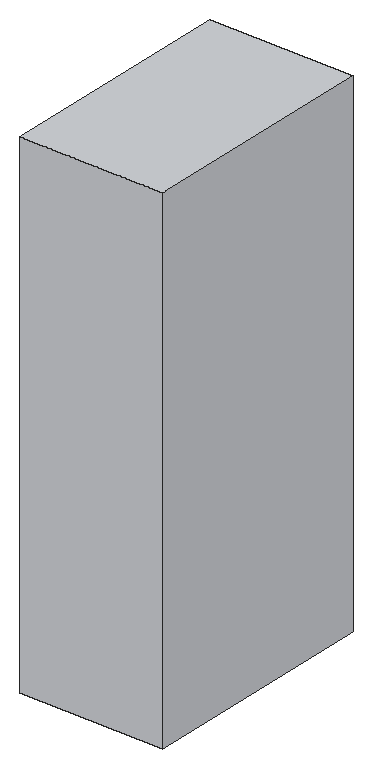
Revit family "SB11_RTU機櫃_600x1000x2100", category 電氣設備, Revit 2025
Family settings
  面板規劃 = 兩欄，回路穿越
  圓形接點標註 = 使用直徑
  組件類型 = 分電盤
  OmniClass 編號 = 23.80.30.11.17
  OmniClass 標題 = Distribution Boards and Control Panels
  以工作平面為基礎 = 否
  總是垂直 = 是
  載入時使用空心切割 = 否
  維持標註方位 = 否
  共用 = 否
  房間計算點 = 否
Parameters (values of type "RTU 與網路機櫃")
  built-in parameter 1155100 [instance] = -1
  Default Elevation = 0 mm
  built-in parameter 1140142 [instance] = -1
  SCADA_高mm [instance] = "2100"
  SCADA_附錄F項次 [instance] = "14"
  SCADA_附錄D項次 [instance] = "5"
  SCADA_編號 [instance] = "SB11-COMS-RTU-01"
  SCADA_站點 [instance] = "SB11"
  SCADA_深mm [instance] = "1000"
  SCADA_機櫃類型 [instance] = "RTU 與網路機櫃"
  SCADA_期別 [instance] = "第一期"
  SCADA_房間 [instance] = "COMS/SCADA 設備室"
  SCADA_建物 [instance] = "車站"
  SCADA_尺寸 [instance] = "600W×1000D×2100H"
  SCADA_寬mm [instance] = "600"
  SCADA_定位來源 [instance] = "獨立設備族群（載入專案後定位）"
  SCADA_備註 [instance] = ""
  SCADA_來源文件 [instance] = "Installation SoW_V6（Rev.006, 2026-07-02）附錄 D / F；依原文顏色標示排除已刪除項目"
  SCADA_UPS電源110V [instance] = "雙 UPS 電源（2×4500VA）"
  built-in parameter 1140140 [instance] = 1 (stored number, unit not read)
Reference planes
  plane 1 "中心 (前/後)": y = 0
  plane 2: z = 0
  plane 3 "中心 (左/右)": x = 0
Forms (mm)
  Extrusion 1, solid
    sketch origin (0, 0, 0) x (1, 0, 0) y (0, 1, 0)
      loop
        line (-300, -500) -> (300, -500) -> (300, 500) -> (-300, 500) -> (-300, -500)
    from 0 to 2100
Lines and regions (mm)
  symbolic lines, style "開門線"
    curve 1: line (300, -500, 0) -> (300, -1100, 0)
    curve 2: arc (-300, -500, 0) -> (-124.264, -924.264, 0) -> (300, -1100, 0) r 600
    curve 3: line (-300, 500, 0) -> (-300, 1100, 0)
    curve 4: arc (300, 500, 0) -> (124.264, 924.264, 0) -> (-300, 1100, 0) r 600
Dimensions and locks
  aligned and locked: level to plane 2
